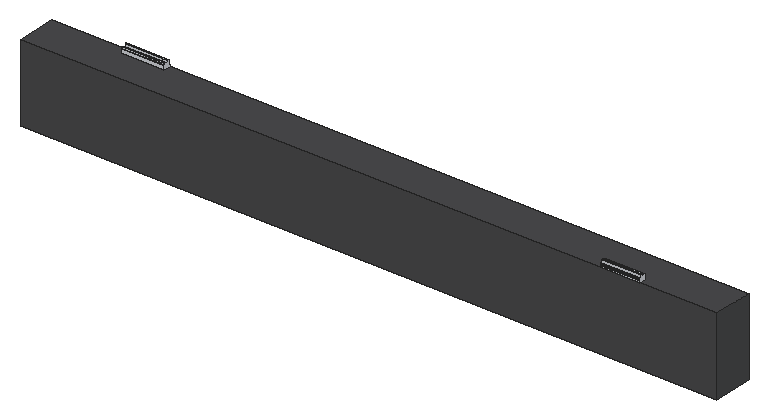
Revit family "STRIPE BLOCK RAIL 646_DTM30N.6.2.90", category Luminarias, Revit 2019
Family settings
  Cota de conector redondo = Diámetro de uso
  Tipo de pieza = Normal
  Se basa en plano de trabajo = Sí
  Siempre vertical = Sí
  Corte con vacíos al cargar = No
  Origen de luz = Sí
  Compartido = No
  Punto de cálculo de habitación = No
Parameters (values of type "STRIPE BLOCK RAIL 646_DTM30N.6.2.90")
  Ángulo de inclinación = 60.00°
  Zone [instance] = ""
  Watt per fixture = 30
  Wattage = 30 W
  built-in parameter 1150107 = 4000 (stored number, unit not read)
  built-in parameter 1150110 = 1 (stored number, unit not read)
  built-in parameter 1150109 = 1 (stored number, unit not read)
  built-in parameter 1150112 = 1 (stored number, unit not read)
  built-in parameter 1150113 = 1 (stored number, unit not read)
  built-in parameter 1114218 = 1 (stored number, unit not read)
  Keynote = ""
  built-in parameter 1150137 = (empty or 0)
  built-in parameter 1150132 = (empty or 0)
  Modelo = "DTM30N.6.2.90"
  Lámpara = "2835SMD SAMSUNG"
  built-in parameter 1150105 = 214.86 (stored number, unit not read)
  built-in parameter 1150102 = (empty or 0)
  built-in parameter 1150106 = 2.1486 (stored number, unit not read)
  Lumens = 2700 lm
  Color Filter = 16777215
  built-in parameter 1114217 = 1 (stored number, unit not read)
  built-in parameter 1150139 = (empty or 0)
  Fabricante = "BRILLANT"
  Default Elevation = 1219.2 mm
  built-in parameter 1150104 = 8.3613 (stored number, unit not read)
  Descripción = "LUMINARIA DOWNLIGHT EN FORMATO RECTANGULAR COMPATIBLE CON RIEL DE 6 ENTRADAS Y 3 CIRCUITOS, CUERPO DE ALUMINIO ACABADO EN COLOR NEGRO, IP 20, PESO 1.32Kg, TIPO DE LED 2835SMD SAMSUNG CON 30W TOTAL, 2300 LUMENES, 90LM/W, IRC 90, TEMPERATURA EN BLANCO FRIO 4000K, 50 MIL HORAS DE VIDA PROMEDIO, APERTURA DE 90 GRADOS POR STOCK, ALIMENTADO A 90-240V"
  built-in parameter 1150115 = 1 (stored number, unit not read)
  built-in parameter 1150114 = 1 (stored number, unit not read)
  Comentarios de vataje = "90-240V"
  built-in parameter 1150138 = (empty or 0)
  built-in parameter 1150134 = 12
  Circuit [instance] = ""
  Dimming Lamp Color Temperature Shift = (empty or 0)
  Archivo de red fotométrica = "L646B-30W-840-B-90_IESNA95.IES"
  built-in parameter 1150133 = 10 (stored number, unit not read)
Reference planes
  plane 1 "Centro (Frontal/Posterior)": y = 0
  plane 2: z = 0
  plane 3 "Centro (Izquierda/Derecha)": x = 0
Forms (mm)
  Extrusion 1, solid, material "Default Form"
    sketch origin (0, 0, 0) x (1, 0, 0) y (0, 0, 1)
      loop
        line (-323, 0) -> (-323, -72) -> (323, -72) -> (323, 0) -> (-323, 0)
    from -18.326 to 18.326
  Extrusion 2, solid
    sketch origin (0, 0, 3.217) x (0, 1, 0) y (0, 0, 1)
      loop
        line (-12.149, -3.217) -> (-12.149, 0) -> (-12.935, 0) -> (-12.935, 1.637) -> (-13.796, 1.637) -> (-13.796, 0) -> (-14.582, 0) -> (-14.582, 0.811) -> (-15.443, 0.811) -> (-15.443, 0) -> (-16.233, 0) -> (-16.233, 2.691) -> (-17.279, 2.691) -> (-17.279, 0) -> (-18.061, 0) -> (-18.061, -0.861) -> (-17.162, -0.861) -> (-17.162, -2.042) -> (-18.326, -2.042) -> (-18.326, -3.217) -> (-12.149, -3.217)
    from 215.559 to 251.803
  Blend 3, void
    base sketch origin (0, 0, 0) x (1, 0, 0) y (0, 1, 0)
      loop
        line (-320, 16.149) -> (-320, -16.149) -> (320, -16.149) -> (320, 16.149) -> (-320, 16.149)
    top sketch origin (0, 0, 0) x (1, 0, 0) y (0, 1, 0)
      loop
        line (-316.632, 12.149) -> (-316.632, -12.149) -> (315, -12.149) -> (315, 12.149) -> (-316.632, 12.149)
    from -72 to -61.591
  Extrusion 4, solid
    sketch origin (-125, 0, 3.217) x (0, -1, 0) y (0, 0, 1)
      loop
        line (-12.149, -3.217) -> (-12.149, 0) -> (-12.935, 0) -> (-12.935, 1.637) -> (-13.796, 1.637) -> (-13.796, 0) -> (-14.582, 0) -> (-14.582, 0.811) -> (-15.443, 0.811) -> (-15.443, 0) -> (-16.233, 0) -> (-16.233, 2.691) -> (-17.279, 2.691) -> (-17.279, 0) -> (-18.061, 0) -> (-18.061, -0.861) -> (-17.162, -0.861) -> (-17.162, -2.042) -> (-18.326, -2.042) -> (-18.326, -3.217) -> (-12.149, -3.217)
    from 89.098 to 128.24
  Extrusion 5, solid, material "Cristal"
    sketch origin (0, 0, 0) x (1, 0, 0) y (0, 1, 0)
      loop
        line (-320, 16.149) -> (-320, -16.149) -> (320, -16.149) -> (320, 16.149) -> (-320, 16.149)
    from -71.747 to -71.525
Cuts and joins
  Blend 3 cuts Extrusion 1
Dimensions and locks
  equal spacing: Extrusion 1, plane 1 "Centro (Frontal/Posterior)", Extrusion 1
  Extrusion 1 to plane 1 "Centro (Frontal/Posterior)" = 18.326 mm
  Extrusion 1 to Extrusion 1 = 36.651 mm
  Extrusion 1 to Extrusion 1 = 72 mm
  Extrusion 1 to Extrusion 1 = 646 mm
  cut or joined group of Extrusion 1, Blend 3 to cut or joined group of Extrusion 1, Blend 3 = 72 mm
  cut or joined group of Extrusion 1, Blend 3 to cut or joined group of Extrusion 1, Blend 3 = 36.651 mm
  cut or joined group of Extrusion 1, Blend 3 to cut or joined group of Extrusion 1, Blend 3 = 646 mm
  equal spacing: cut or joined group of Extrusion 1, Blend 3, plane 1 "Centro (Frontal/Posterior)", cut or joined group of Extrusion 1, Blend 3
  aligned and locked: level to plane 2
Automatic sketch dimensions
  Extrusion 1 sketch curve to level = 0 mm
  Extrusion 1 sketch curve to plane 3 "Centro (Izquierda/Derecha)" = 323 mm
  plane 3 "Centro (Izquierda/Derecha)" to Extrusion 1 sketch curve = 323 mm
  Extrusion 1 sketch curve to level = 72 mm
  Extrusion 2 sketch curve to level = 0 mm
  level to Extrusion 2 sketch curve = 1.175 mm
  plane 1 "Centro (Frontal/Posterior)" to Extrusion 2 sketch curve = 18.326 mm
  Extrusion 2 sketch curve to Extrusion 2 sketch curve = 0.265 mm
  Extrusion 2 sketch curve to Extrusion 2 sketch curve = 0.782 mm
  Extrusion 2 sketch curve to Extrusion 2 sketch curve = 1.164 mm
  Extrusion 2 sketch curve to Extrusion 2 sketch curve = 1.046 mm
  Extrusion 2 sketch curve to Extrusion 2 sketch curve = 0.789 mm
  Extrusion 2 sketch curve to Extrusion 2 sketch curve = 0.861 mm  (x3)
  Extrusion 2 sketch curve to Extrusion 2 sketch curve = 0.786 mm
  Extrusion 2 sketch curve to Extrusion 2 sketch curve = 0.785 mm
  Extrusion 2 sketch curve to Extrusion 2 sketch curve = 1.181 mm
  level to Extrusion 2 sketch curve = 3.217 mm
  Extrusion 2 sketch curve to Extrusion 2 sketch curve = 0 mm  (x2)
  Extrusion 2 sketch curve to Extrusion 2 sketch curve = 0.811 mm
  Extrusion 2 sketch curve to Extrusion 2 sketch curve = 0.826 mm
  Extrusion 2 sketch curve to Extrusion 2 sketch curve = 1.88 mm
  Blend 3 sketch curve to plane 1 "Centro (Frontal/Posterior)" = 16.149 mm
  Blend 3 sketch curve to plane 3 "Centro (Izquierda/Derecha)" = 320 mm
  plane 1 "Centro (Frontal/Posterior)" to Blend 3 sketch curve = 16.149 mm
  plane 3 "Centro (Izquierda/Derecha)" to Blend 3 sketch curve = 320 mm
  Blend 3 sketch curve to plane 1 "Centro (Frontal/Posterior)" = 12.149 mm
  Blend 3 sketch curve to plane 3 "Centro (Izquierda/Derecha)" = 316.632 mm
  plane 1 "Centro (Frontal/Posterior)" to Blend 3 sketch curve = 12.149 mm
  plane 3 "Centro (Izquierda/Derecha)" to Blend 3 sketch curve = 315 mm
  Extrusion 4 sketch curve to level = 0 mm
  level to Extrusion 4 sketch curve = 1.175 mm
  Extrusion 4 sketch curve to plane 1 "Centro (Frontal/Posterior)" = 18.326 mm
  Extrusion 4 sketch curve to Extrusion 4 sketch curve = 0.265 mm
  Extrusion 4 sketch curve to Extrusion 4 sketch curve = 0.782 mm
  Extrusion 4 sketch curve to Extrusion 4 sketch curve = 1.164 mm
  Extrusion 4 sketch curve to Extrusion 4 sketch curve = 1.046 mm
  Extrusion 4 sketch curve to Extrusion 4 sketch curve = 0.789 mm
  Extrusion 4 sketch curve to Extrusion 4 sketch curve = 0.861 mm  (x3)
  Extrusion 4 sketch curve to Extrusion 4 sketch curve = 0.786 mm
  Extrusion 4 sketch curve to Extrusion 4 sketch curve = 0.785 mm
  Extrusion 4 sketch curve to Extrusion 4 sketch curve = 1.181 mm
  level to Extrusion 4 sketch curve = 3.217 mm
  Extrusion 4 sketch curve to Extrusion 4 sketch curve = 0 mm  (x2)
  Extrusion 4 sketch curve to Extrusion 4 sketch curve = 0.811 mm
  Extrusion 4 sketch curve to Extrusion 4 sketch curve = 0.826 mm
  Extrusion 4 sketch curve to Extrusion 4 sketch curve = 1.88 mm
  plane 1 "Centro (Frontal/Posterior)" to Extrusion 5 sketch curve = 16.149 mm
  Extrusion 5 sketch curve to plane 3 "Centro (Izquierda/Derecha)" = 320 mm
  plane 3 "Centro (Izquierda/Derecha)" to Extrusion 5 sketch curve = 320 mm
  Extrusion 5 sketch curve to plane 1 "Centro (Frontal/Posterior)" = 16.149 mm
Connectors
  electrical at (0, 0, 0)
    settings: on cut or joined group of Extrusion 1, Blend 3, index 1, voltage 240 V, apparent load 0 VA, apparent load phase1 0 VA, apparent load phase2 0 VA, apparent load phase3 0 VA, power factor 1, load classification "Otro", number of poles 1, system type 31, power factor state 1, is connector primary yes, connector utility no, sub classification motor no, connector description ""
